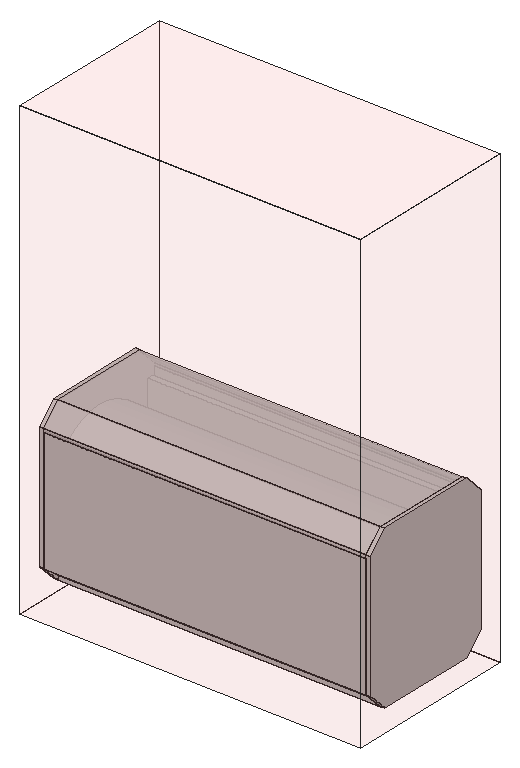
Revit family "Air-Curtain_Specialty_PoweredAire_LDC-Corrosive", category Mechanical Equipment, host Face, Revit 2025
Family settings
  Host = Face
  Round Connector Dimension = Use Diameter
  Part Type = Normal
  OmniClass Number = 23.75.35.17.21
  OmniClass Title = Air Curtains
  Cut with Voids When Loaded = No
  Maintain Annotation Orientation = No
  Shared = No
  Room Calculation Point = No
Parameters
  Warranty Duration (Years) = 0
  Unit Width Notes = "Other Widths available."  # constant formula
  Unit Width = 3' - 0"
  Unit Weight = 0
  Unit Height = 1' - 3"
  Unit Depth = 1' - 5 1/2"
  URL = "http://www.poweredaire.com/"
  Test Data = ""
  Standards Conformance = "as Specified"
  Specification = "http://www.arcat.com/sdspecs/htm04/23_34_33pai.htm"
  SpecWizard = ""
  Sound Pressure = "as Specified"
  Sales Information = "http://www.poweredaire.com/contact_us"
  Revision = "R1_2016-08"
  Projection from Host [instance] = 0' - 2"
  Product Properties = ""
  Product Data = "http://www.arcat.com/arcatcos/cos47/arc47623.html"
  Power Rating = 0 W
  Nozzle Width = if(1 = 1, Unit Width - 0' 1", 0' 0")  # 2' - 11"
  Mounting Width = if(1 = 1, Unit Width - 0' 0 15/16", 0' 0")  # 2' - 11 1/16"
  Mounting Height [instance] = 3' - 6"
  Motor RPM = 0
  Motor HP = 0
  Motor Count = 0
  Model = "As Specified"
  Max Height = 0' - 0"
  Manufacturer Website = "http://www.poweredaire.com/"
  Manufacturer Phone - Toll Free = "888-321-2473"
  Manufacturer Phone = "724-588-3305"
  Manufacturer Fax = "724-588-3371"
  Manufacturer Address = "109 Mortensen Rd.  Greenville, PA 16125"
  Manufacturer = "Powered Aire, Inc"
  Maintenance Schedule (Months) = 0
  Keynote = "23 34 33"
  Installation-Fabrication = ""
  Installation Phase = ""
  Include Clearance [instance] = yes
  Heating Element Load = 0 W
  HVAC_Temperature Rise = 0 °F
  HVAC_Outlet Volume = 0 CFM
  HVAC_Outlet Velocity Uniformity = 0
  HVAC_Outlet Velocity = 0 FPM
  Green Building-LEED = "http://www.arcat.com/green/clients/leed_data_47623.html"
  Front Grating Material [instance] = Metal - Steel - PoweredAire - Stainless 316 Perforated
  Frame Finish [instance] = Metal - Steel - PoweredAire - Stainless 316
  Expected Lifespan (Years) = 0
  Electrical_Wattage [instance] = Power Rating + Heating Element Load  # 0 W
  Electrical_Voltage [instance] = 0 V
  Electrical_Phase [instance] = 1
  Electrical_Frequency [instance] = 0 Hz
  Electrical_Amperage [instance] = 0 A
  Drawn By = "Sumex Design, Inc. / Robert S. Weygant, CSI, CDT, SCIP"
  Description = "Powered Aire Air Curtain as Specified"
  Default Elevation = 0' - 0"  # constant formula
  Copyright = "©Arcat Inc."
  Construction Details = "http://www.arcat.com/details/powair/prod3336.html"
  Clearance_Top [instance] = 0' - 2"
  Clearance_Side B [instance] = 0' - 0 1/2"
  Clearance_Side A [instance] = 0' - 0 1/2"
  Clearance_Intake [instance] = 2' - 6"
  Clearance_Bottom [instance] = 0' - 2"
  Clearance Material [instance] = ARCAT Clearance
  Building Codes = ""
  Available Options [instance] = "as Specified"
  Assembly Code = "D3090400"
Reference planes (in)
  plane 1 "Center (Elevation)": y = 0.13818
  plane 2: z = 0
  plane 3 "Center (Left/Right)": x = 0
  plane 4: y = 7.63818
  plane 5: y = -7.36182
  plane 6: x = -18
  plane 7: x = 18
  plane 8: z = 19.5
  plane 9 "FF": y = -41.86182
  plane 10: z = 2
  plane 11: x = 17.5
  plane 12: x = -17.5
  plane 13: y = 9.63818
  plane 14: y = -9.36182
  plane 15: x = -18.5
  plane 16: x = 18.5
  plane 17: z = 49.5
Forms (in)
  Extrusion 1, solid, material "Metal - Steel - PoweredAire - Stainless 316" <- "Frame Finish"
    sketch origin (0, 0, 0) x (0, 1, 0) y (0, 0, 1)
      loop
        line (5.69363, 2) -> (7.63818, 3.94454) -> (7.63818, 17.55546) -> (5.69363, 19.5) -> (-5.41728, 19.5) -> (-7.36182, 17.55546) -> (-7.36182, 3.94454) -> (-5.41728, 2) -> (5.69363, 2)
    from 17.5 to 18
  Extrusion 2, solid, material "Metal - Steel - PoweredAire - Stainless 316" <- "Frame Finish"
    sketch origin (0, 0, -0.5) x (0, 1, 0) y (0, 0, 1)
      loop
        circle (0.13818, 10.9739) r 6.25
      loop
        line (6.63818, 16.89427) -> (6.63818, 5.87829) -> (7.33849, 5.87829) -> (7.33849, 16.89427) -> (6.63818, 16.89427)
      loop
        line (-7.02798, 16.76927) -> (-7.02798, 5.75329) -> (-6.36182, 5.75329) -> (-6.36182, 16.76927) -> (-7.02798, 16.76927)
    from -17.5 to 17.5
  Extrusion 3, solid, material "Metal - Steel - PoweredAire - Stainless 316" <- "Frame Finish"
    sketch origin (0, 0, 0) x (0, 1, 0) y (0, 0, -1)
      loop
        line (5.69363, -2) -> (-5.41728, -2) -> (-7.36182, -3.94454) -> (-7.36182, -17.55546) -> (-5.41728, -19.5) -> (5.69363, -19.5) -> (7.63818, -17.55546) -> (7.63818, -3.94454) -> (5.69363, -2)
    from 17.5 to 18
  Extrusion 4, solid, material "Metal - Steel - PoweredAire - Stainless 316" <- "Frame Finish"
    sketch origin (0, 0, 0) x (0, 1, 0) y (0, 0, 1)
      loop
        line (-5.41728, 2) -> (5.69363, 2) -> (7.63818, 3.94454) -> (7.63818, 17.19454) -> (7.51318, 17.19454) -> (7.51318, 3.99632) -> (5.64186, 2.125) -> (-5.29228, 2.125) -> (-5.29228, 4.06954) -> (-7.23682, 4.06954) -> (-7.23682, 17.19454) -> (-7.36182, 17.19454) -> (-7.36182, 3.94454) -> (-5.41728, 3.94454) -> (-5.41728, 2)
      loop
        line (-6.64819, 3.61034) -> (-5.8702, 2.83235) -> (-5.74472, 2.95783) -> (-6.52271, 3.73583) -> (-6.64819, 3.61034)
    from -17.5 to 17.5
  Extrusion 5, solid, material "Metal - Steel - PoweredAire - Stainless 316 Perforated" <- "Front Grating Material"
    sketch origin (0, 0, 0) x (0, 1, 0) y (0, 0, 1)
      loop
        line (-7.36182, 17.19454) -> (-7.23682, 17.19454) -> (-7.23682, 17.50368) -> (-5.3655, 19.375) -> (5.64186, 19.375) -> (7.51318, 17.50368) -> (7.51318, 17.19454) -> (7.63818, 17.19454) -> (7.63818, 17.55546) -> (5.69363, 19.5) -> (-5.41728, 19.5) -> (-7.36182, 17.55546) -> (-7.36182, 17.19454)
    from -17.5 to 17.5
  Extrusion 6, solid, material "ARCAT Clearance" <- "Clearance Material", visible <- "Include Clearance"
    sketch origin (0, 0, 0) x (0, 1, 0) y (0, 0, 1)
      loop
        line (-9.36182, 49.5) -> (-9.36182, 0) -> (9.63818, 0) -> (9.63818, 49.5) -> (-9.36182, 49.5)
    from -18.5 to 18.5
Dimensions and locks (in)
  equal spacing: plane 4, plane 1 "Center (Elevation)", plane 5
  "Unit Height": plane 4 to plane 5
  equal spacing: plane 6, plane 3 "Center (Left/Right)", plane 7
  "Unit Width": plane 6 to plane 7
  "Mounting Height": plane 1 "Center (Elevation)" to plane 9 "FF"
  "Projection from Host": plane 10 to level
  "Unit Depth": plane 8 to plane 10
  locked: plane 6 to plane 12 at 0.5
  locked: plane 11 to plane 7 at 0.5
  "Clearance_Side A": plane 7 to plane 16
  "Clearance_Side B": plane 15 to plane 6
  "Clearance_Top": plane 13 to plane 4
  "Clearance_Bottom": plane 5 to plane 14
  "Clearance_Intake": plane 17 to plane 8
  aligned and locked: plane 2 to host face
  aligned and locked: level to host face
  aligned and locked: plane 7 to Extrusion 1
  aligned and locked: Extrusion 1 to plane 11
  aligned and locked: plane 12 to Extrusion 3
  aligned and locked: Extrusion 3 to plane 6
  aligned and locked: Extrusion 2 to plane 12
  aligned and locked: plane 11 to Extrusion 2
  aligned and locked: plane 11 to Extrusion 4
  aligned and locked: Extrusion 4 to plane 12
  aligned and locked: plane 11 to Extrusion 5
  aligned and locked: Extrusion 5 to plane 12
  aligned and locked: Extrusion 6 sketch curve to plane 17
  aligned and locked: plane 14 to Extrusion 6 sketch curve
  aligned and locked: level to Extrusion 6 sketch curve
  aligned and locked: Extrusion 6 sketch curve to plane 13
  aligned and locked: plane 16 to Extrusion 6
  aligned and locked: Extrusion 6 to plane 15
Automatic sketch dimensions
  host sketch curve to host sketch curve = 8' - 0"  (x2)
  Extrusion 1 sketch curve to plane 5 = 0' - 0"
  Extrusion 1 sketch curve to plane 8 = 0' - 0"
  Extrusion 1 sketch curve to plane 10 = 0' - 0"
  Extrusion 1 sketch curve to plane 4 = 0' - 0"
  plane 5 to Extrusion 1 sketch curve = 0' - 1.94454"  (x2)
  Extrusion 1 sketch curve to plane 4 = 0' - 1.94454"  (x2)
  plane 10 to Extrusion 1 sketch curve = 0' - 1.94454"  (x2)
  Extrusion 1 sketch curve to plane 8 = 0' - 1.94454"  (x2)
  Extrusion 2 sketch curve to plane 1 "Center (Elevation)" = 0' - 0"
  plane 5 to Extrusion 2 sketch curve = 0' - 1"
  plane 5 to Extrusion 2 sketch curve = 0' - 0.33384"
  Extrusion 2 sketch curve to plane 4 = 0' - 1"
  Extrusion 2 sketch curve to plane 4 = 0' - 0.29969"
  plane 10 to Extrusion 2 sketch curve = 0' - 3.37829"
  plane 10 to Extrusion 2 sketch curve = 0' - 3.25329"
  Extrusion 2 sketch curve to plane 8 = 0' - 9.0261"
  Extrusion 2 sketch curve to plane 8 = 0' - 3.23073"
  Extrusion 2 sketch curve to plane 8 = 0' - 3.10573"
  Extrusion 3 sketch curve to plane 5 = 0' - 0"
  Extrusion 3 sketch curve to plane 8 = 0' - 0"
  Extrusion 3 sketch curve to plane 10 = 0' - 0"
  Extrusion 3 sketch curve to plane 4 = 0' - 0"
  plane 5 to Extrusion 3 sketch curve = 0' - 1.94454"  (x2)
  Extrusion 3 sketch curve to plane 4 = 0' - 1.94454"  (x2)
  Extrusion 3 sketch curve to plane 8 = 0' - 1.94454"  (x2)
  plane 10 to Extrusion 3 sketch curve = 0' - 1.94454"  (x2)
  Extrusion 4 sketch curve to plane 5 = 0' - 0"
  Extrusion 4 sketch curve to plane 10 = 0' - 0"
  Extrusion 4 sketch curve to plane 4 = 0' - 0"
  plane 5 to Extrusion 4 sketch curve = 0' - 0 1/8"
  plane 5 to Extrusion 4 sketch curve = 0' - 0.71363"
  Extrusion 4 sketch curve to Extrusion 4 sketch curve = 0' - 0.12548"  (x2)
  Extrusion 4 sketch curve to Extrusion 4 sketch curve = 0' - 0.778"
  Extrusion 4 sketch curve to Extrusion 4 sketch curve = 0' - 0.32744"
  Extrusion 4 sketch curve to Extrusion 4 sketch curve = 0' - 0 1/8"  (x2)
  plane 10 to Extrusion 4 sketch curve = 0' - 0 1/8"
  Extrusion 4 sketch curve to plane 4 = 0' - 1.99632"
  Extrusion 4 sketch curve to Extrusion 4 sketch curve = 0' - 0.05178"  (x2)
  plane 10 to Extrusion 4 sketch curve = 0' - 0.83235"
  plane 10 to Extrusion 4 sketch curve = 0' - 1.94454"
  Extrusion 4 sketch curve to Extrusion 4 sketch curve = 0' - 0.3342"
  Extrusion 4 sketch curve to plane 4 = 0' - 0 1/8"
  Extrusion 4 sketch curve to plane 8 = 0' - 2.30546"  (x2)
  Extrusion 5 sketch curve to plane 5 = 0' - 0"
  Extrusion 5 sketch curve to plane 8 = 0' - 0"
  Extrusion 5 sketch curve to plane 4 = 0' - 0"
  plane 5 to Extrusion 5 sketch curve = 0' - 0 1/8"
  plane 5 to Extrusion 5 sketch curve = 0' - 1.94454"
  Extrusion 5 sketch curve to plane 8 = 0' - 0 1/8"
  Extrusion 5 sketch curve to Extrusion 5 sketch curve = 0' - 0.05178"  (x4)
  Extrusion 5 sketch curve to plane 4 = 0' - 1.99632"
  Extrusion 5 sketch curve to plane 8 = 0' - 1.94454"  (x2)
  Extrusion 5 sketch curve to Extrusion 5 sketch curve = 0' - 0 1/8"
  Extrusion 5 sketch curve to Extrusion 5 sketch curve = 0' - 0.30914"  (x2)
  radius of Extrusion 2 sketch curve = 0' - 6 1/4"
Connectors (in)
  electrical at (0, 7.63818, 10.56954), driven by "Electrical_Phase", driven by "Electrical_Voltage"
    settings: on Extrusion 4, index 1, voltage 0 V, apparent load 0 VA, apparent load phase1 0 VA, apparent load phase2 0 VA, apparent load phase3 0 VA, power factor 1, load classification "Motor", number of poles 1, system type 31, power factor state 1, is connector primary yes, connector utility no, sub classification motor no, connector description ""
